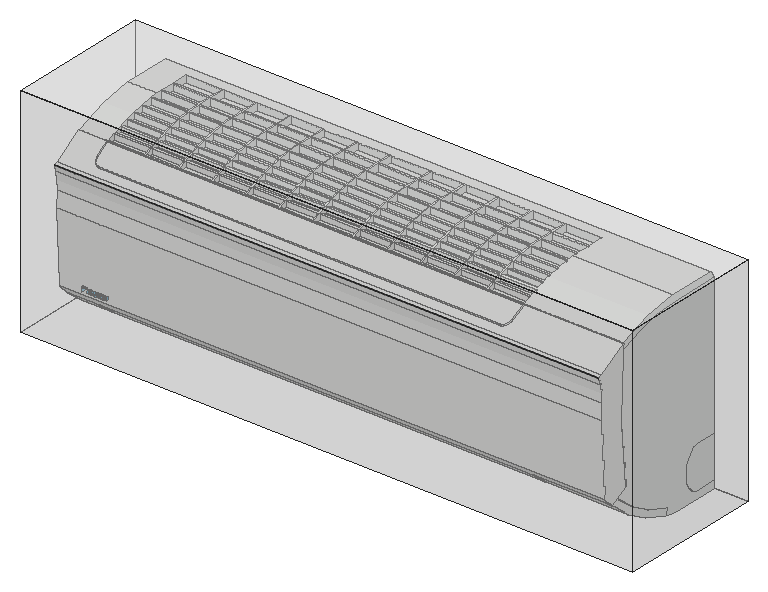
Revit family "outputfile", category 機械設備, Revit 2024 (continued)
Definition of nested family "DAIKIN_indoorunit_FTV-PBV1MW9"
  Definition of nested family "daikin_logo_plane_w40"
    Automatic sketch dimensions
      Extrusion 1 sketch curve to Extrusion 1 sketch curve = 2.017 mm
      Extrusion 1 sketch curve to Extrusion 1 sketch curve = 0.78 mm  (x2)
      Extrusion 1 sketch curve to Extrusion 1 sketch curve = 1.743 mm
      Extrusion 1 sketch curve to Extrusion 1 sketch curve = 0.775 mm
      Extrusion 1 sketch curve to Extrusion 1 sketch curve = 0.552 mm
      Extrusion 1 sketch curve to Extrusion 1 sketch curve = 0.014 mm
      Extrusion 1 sketch curve to Extrusion 1 sketch curve = 0.952 mm
      Extrusion 1 sketch curve to Extrusion 1 sketch curve = 1.215 mm
      Extrusion 1 sketch curve to Extrusion 1 sketch curve = 0.108 mm
      plane 1 "Center (Front/Back)" to Extrusion 2 sketch curve = 0.0 mm
      Extrusion 2 sketch curve to plane 3 "Center (Left/Right)" = 19.0 mm
      Extrusion 2 sketch curve to plane 3 "Center (Left/Right)" = 14.765 mm
      Extrusion 2 sketch curve to Extrusion 2 sketch curve = 4.465 mm
      plane 1 "Center (Front/Back)" to Extrusion 2 sketch curve = 3.879 mm
      Extrusion 2 sketch curve to Extrusion 2 sketch curve = 4.12 mm
      plane 1 "Center (Front/Back)" to Extrusion 3 sketch curve = 0.0 mm
      Extrusion 3 sketch curve to plane 3 "Center (Left/Right)" = 19.0 mm
      Extrusion 3 sketch curve to plane 3 "Center (Left/Right)" = 14.765 mm
      plane 1 "Center (Front/Back)" to Extrusion 3 sketch curve = 3.879 mm
      Extrusion 1 sketch curve to plane 3 "Center (Left/Right)" = 11.211 mm
      Extrusion 1 sketch curve to Extrusion 1 sketch curve = 1.782 mm
Definition of nested family "daikin_connector_rotate3"
  Parameters (values of type "daikin_connector_rotate3")
    show [instance] = yes
    radius [instance] = 10.0 mm
    length [instance] = 600.0 mm
    angle_horizontal [instance] = 60.00°
    angle_vertical [instance] = 90.00°
    Default Elevation = 1219.2 mm
  Reference planes
    plane 1 "Center (Front/Back)": y = 0
    plane 2: z = 0
    plane 3 "Center (Left/Right)": x = 0
  Dimensions and locks
    "angle_horizontal": angle plane 3 "Center (Left/Right)" to nested 1
    aligned and locked: level to plane 2
    aligned and locked: plane 1 "Center (Front/Back)" to nested 1  (x2)
    aligned and locked: plane 3 "Center (Left/Right)" to nested 1
  Nested families
    nested 1: "daikin_connector_rotate2" at (0, 0, 0) x (0.5, 0.866, 0) z (0, 0, 1), angle_vertical <- "angle_vertical", length <- "length", radius <- "radius", type "daikin_connector_rotate2"
      with radius 10.0 mm, length 600.0 mm, angle_vertical 90.00°
  Definition of nested family "daikin_connector_rotate2"
    Parameters (values of type "daikin_connector_rotate2")
      show_face = yes
      radius [instance] = 10.0 mm
      length [instance] = 600.0 mm
      d_surface = 10.0 mm
      angle_vertical [instance] = 90.00°
      Default Elevation = 0.0 mm
    Reference planes
      plane 1 "Center (Front/Back)": y = 0
      plane 2: z = 0
      plane 3 "Center (Left/Right)": x = 0
    Forms (mm)
      Extrusion 1, solid, visible <- "show_face"
        sketch origin (0, -600, 0) x (1, 0, 0) y (0, 0, 1)
          loop
            circle (0, 0) r 10
        from 0 to -10
    Lines and regions (mm)
      reference lines
        curve 1: line (0, 0, 0) -> (0, -600, 0)
      symbolic lines
        curve 2: circle (0, 0, 0) r 5 normal (0, 0, 1)
      model lines, visible <- "show_face"
        curve 3: line (0, 0, 0) -> (0, -600, 0)
    Dimensions and locks
      "length": curve 1 to curve 1
      "length": curve 3 to curve 3
      "d_surface": Extrusion 1 to Extrusion 1
      "radius": radius of Extrusion 1 sketch curve
      "angle_vertical": angle curve 1 to plane 1 "Center (Front/Back)"
      "angle_vertical": angle curve 3 to plane 1 "Center (Front/Back)"
      aligned and locked: level to plane 2
      aligned and locked: plane 1 "Center (Front/Back)" to curve 1
      aligned and locked: plane 2 to curve 1
      aligned and locked: plane 1 "Center (Front/Back)" to curve 2
      aligned and locked: plane 3 "Center (Left/Right)" to curve 2
      aligned and locked: plane 1 "Center (Front/Back)" to curve 3
      aligned and locked: plane 2 to curve 3
      aligned and locked: Extrusion 1 to Extrusion 1
    Automatic sketch dimensions
      Extrusion 1 sketch curve to level = 0.0 mm
      Extrusion 1 sketch curve to plane 3 "Center (Left/Right)" = 0.0 mm
      radius of curve 2 = 5.0 mm
